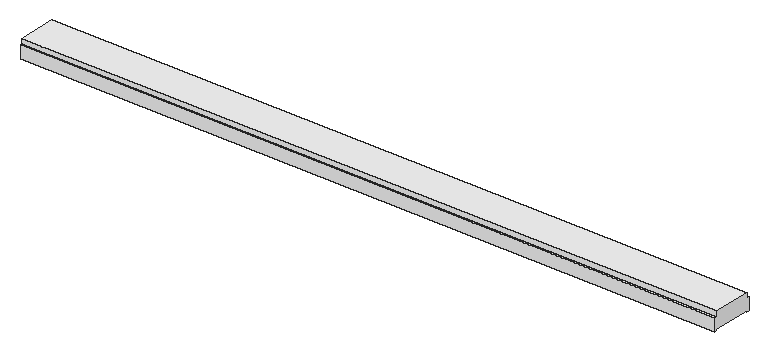
Revit family "Zumtobel TECTON MIREL LED", category Lighting Fixtures, Revit 2016
Family settings
  Part Type = Normal
  Round Connector Dimension = Use Diameter
  OmniClass Number = 23.80.70.11
  OmniClass Title = Luminaries for Internal Lighting
  Work Plane-Based = No
  Always vertical = Yes
  Cut with Voids When Loaded = No
  Light Source = Yes
  Shared = Yes
  Room Calculation Point = No
Parameters (values of type "TECTON MIREL LED2700 L1000")
  Width = 60 mm  # constant formula
  Wattage = 18.244 W
  Voltage = 230  # constant formula
  URL = "http://www.zumtobel.com/42185314"
  built-in parameter 1150110 = 1 (stored number, unit not read)
  Reflector [instance] = Zumtobel_Metal_White
  Light Emitting Shape [instance] = Zumtobel_PMMA_Self_llumination_Opaque
  L 2000 = no
  L 1500 = no
  L 1000 = yes
  Emit from Rectangle Width = Length  # 1000 mm
  Emit from Rectangle Length = 54 mm  # constant formula
  Emit Shape Visible in Rendering = no
  Body [instance] = Zumtobel_Metal_White
  Apparent Load = 20.3 VA
  Model = "42185314"
  built-in parameter 1114217 = 1 (stored number, unit not read)
  Tilt Angle = 90.00°
  built-in parameter 1150109 = 1 (stored number, unit not read)
  built-in parameter 1150134 = 12
  Suspension Height [instance] = 500 mm
  built-in parameter 1150113 = 1 (stored number, unit not read)
  Length = 1000 mm
  Lamp = "LED"  # constant formula
  Wattage Comments = "230"  # constant formula
  Manufacturer = "Zumtobel Ligthing"  # constant formula
  Photometric Web File = "D38477AA_TECTON_MIREL_LED2700-840_L1000_LDE_WH.IES"
  built-in parameter 1150105 = 215.65 (stored number, unit not read)
  Lumens = 2710 lm
  built-in parameter 1150115 = 1 (stored number, unit not read)
  built-in parameter 1150137 = (empty or 0)
  built-in parameter 1150139 = (empty or 0)
  built-in parameter 1150112 = 1 (stored number, unit not read)
  built-in parameter 1150114 = 1 (stored number, unit not read)
  built-in parameter 1150132 = 2
  Description = "LED continuous row luminaire"  # constant formula
  Assembly Code = ""
  built-in parameter 1150102 = (empty or 0)
  built-in parameter 1150107 = 4000 (stored number, unit not read)
  built-in parameter 1150138 = (empty or 0)
  built-in parameter 1150106 = 2.1565 (stored number, unit not read)
  built-in parameter 1150104 = 13.8 (stored number, unit not read)
  Dimming Lamp Color Temperature Shift = <None>
  Color Filter = 16777215
  built-in parameter 1114218 = 1 (stored number, unit not read)
  built-in parameter 1150133 = 10 (stored number, unit not read)
Reference planes
  plane 1 "Light Source Axis (F/B)": y = -218.644
  plane 2: z = 0
  plane 3 "Light Source Axis (L/R)": x = -74.924
  plane 4 "Light Source Elevation": z = -523
  plane 5 "Bottom": z = 0
  plane 6 "Left": x = -574.924
  plane 7 "Right": x = 425.076
  plane 8: z = -507
  plane 9: z = -500
Dimensions and locks
  equal spacing: plane 7 "Right", plane 3 "Light Source Axis (L/R)", plane 6 "Left"
  "Length": plane 7 "Right" to plane 6 "Left"
  "Suspension Height": plane 5 "Bottom" to plane 9
  plane 9 to plane 8 to plane 4 "Light Source Elevation" = 7 mm locked, 16 mm locked
  aligned: plane 3 "Light Source Axis (L/R)" to imposter light
  aligned: plane 1 "Light Source Axis (F/B)" to imposter light
  aligned and locked: plane 4 "Light Source Elevation" to imposter light
  aligned and locked: plane 5 "Bottom" to level
  aligned and locked: imposter light to plane 3 "Light Source Axis (L/R)"
  aligned and locked: imposter light to plane 1 "Light Source Axis (F/B)"
  aligned and locked: plane 3 "Light Source Axis (L/R)" to nested 1
  aligned and locked: plane 9 to nested 1
  aligned and locked: plane 1 "Light Source Axis (F/B)" to nested 1
  aligned and locked: nested 2 to plane 9
  aligned and locked: nested 3 to plane 9
  aligned and locked: plane 1 "Light Source Axis (F/B)" to nested 2
  aligned and locked: plane 1 "Light Source Axis (F/B)" to nested 3
Nested families
  nested 1: "Zumtobel TECTON MIREL Body L 2000" at (0, 0, 100), visible <- "L 2000", Body <- "Body", Light Emitting Shape <- "Light Emitting Shape", Reflector <- "Reflector", type "L 2000"
  nested 2: "Zumtobel TECTON MIREL Body L 1500" at (0, 0, 100), visible <- "L 1500", Reflector <- "Reflector", Light Emitting Shape <- "Light Emitting Shape", Body <- "Body", type "L 1500"
  nested 3: "Zumtobel TECTON MIREL Body L 1000" at (0, 0, 100), visible <- "L 1000", Reflector <- "Reflector", Light Emitting Shape <- "Light Emitting Shape", Body <- "Body", type "L 1000"
Definition of nested family "Zumtobel TECTON MIREL Body L 2000"
  Parameters (values of type "L 2000")
    URL = ""
    Reflector [instance] = none
    Light Emitting Shape [instance] = none
    L 2000 = yes
    L 200 = yes
    L 1500 = no
    L 1000 = no
    Body [instance] = none
    Apparent Load = 0 VA  # constant formula
    Model = ""
    Lamp = ""
    Wattage Comments = ""
    Manufacturer = ""
    Description = ""
    Assembly Code = ""
  Reference planes
    plane 1 "Light Source Axis (F/B)": y = -218.644
    plane 2: z = 0
    plane 3 "Light Source Axis (L/R)": x = -74.924
    plane 4 "Light Source Elevation": z = -623
    plane 5 "Bottom": z = 0
    plane 6 "Left": x = -1074.924
    plane 7 "Right": x = 925.076
    plane 8: z = -607
    plane 9: z = -600
  Forms (mm)
    Extrusion 1, solid, material <- "Body", visible <- "L 200"
      sketch origin (-74.924, 0, 0) x (0, 1, 0) y (0, 0, 1)
        loop
          line (-188.644, -607) -> (-191.518, -607) -> (-191.518, -600) -> (-245.769, -600) -> (-245.769, -607) -> (-248.644, -607) -> (-248.644, -625) -> (-246.644, -625) -> (-245.644, -623) -> (-191.644, -623) -> (-190.644, -625) -> (-188.644, -625) -> (-188.644, -607)
      from -1000 to 1000
    Blend 2, void
      base sketch origin (0, 0, -623) x (0, -1, 0) y (1, 0, 0)
        loop
          line (238.644, -78.424) -> (198.644, -78.424) -> (198.644, -118.424) -> (238.644, -118.424) -> (238.644, -78.424)
      top sketch origin (0, 0, -623) x (0, -1, 0) y (1, 0, 0)
        loop
          line (207.644, -109.424) -> (229.644, -109.424) -> (229.644, -87.424) -> (207.644, -87.424) -> (207.644, -109.424)
      from 0 to 10
    Blend 3, void
      base sketch origin (0, 0, -623) x (0, -1, 0) y (1, 0, 0)
        loop
          line (238.644, -71.424) -> (238.644, -31.424) -> (198.644, -31.424) -> (198.644, -71.424) -> (238.644, -71.424)
      top sketch origin (0, 0, -623) x (0, -1, 0) y (1, 0, 0)
        loop
          line (207.644, -40.424) -> (207.644, -62.424) -> (229.644, -62.424) -> (229.644, -40.424) -> (207.644, -40.424)
      from 0 to 10
    Blend 4, void
      base sketch origin (0, 0, -623) x (0, -1, 0) y (1, 0, 0)
        loop
          line (238.644, 15.576) -> (198.644, 15.576) -> (198.644, -24.424) -> (238.644, -24.424) -> (238.644, 15.576)
      top sketch origin (0, 0, -623) x (0, -1, 0) y (1, 0, 0)
        loop
          line (207.644, -15.424) -> (229.644, -15.424) -> (229.644, 6.576) -> (207.644, 6.576) -> (207.644, -15.424)
      from 0 to 10
    Blend 5, void
      base sketch origin (0, 0, -623) x (0, -1, 0) y (1, 0, 0)
        loop
          line (238.644, 109.576) -> (198.644, 109.576) -> (198.644, 69.576) -> (238.644, 69.576) -> (238.644, 109.576)
      top sketch origin (0, 0, -623) x (0, -1, 0) y (1, 0, 0)
        loop
          line (207.644, 78.576) -> (229.644, 78.576) -> (229.644, 100.576) -> (207.644, 100.576) -> (207.644, 78.576)
      from 0 to 10
    Blend 6, void
      base sketch origin (0, 0, -623) x (0, -1, 0) y (1, 0, 0)
        loop
          line (238.644, 62.576) -> (198.644, 62.576) -> (198.644, 22.576) -> (238.644, 22.576) -> (238.644, 62.576)
      top sketch origin (0, 0, -623) x (0, -1, 0) y (1, 0, 0)
        loop
          line (207.644, 31.576) -> (229.644, 31.576) -> (229.644, 53.576) -> (207.644, 53.576) -> (207.644, 31.576)
      from 0 to 10
    Blend 7, void
      base sketch origin (0, 0, -623) x (0, -1, 0) y (1, 0, 0)
        loop
          line (238.644, 116.576) -> (238.644, 156.576) -> (198.644, 156.576) -> (198.644, 116.576) -> (238.644, 116.576)
      top sketch origin (0, 0, -623) x (0, -1, 0) y (1, 0, 0)
        loop
          line (207.644, 147.576) -> (207.644, 125.576) -> (229.644, 125.576) -> (229.644, 147.576) -> (207.644, 147.576)
      from 0 to 10
    Blend 8, void
      base sketch origin (0, 0, -623) x (0, -1, 0) y (1, 0, 0)
        loop
          line (238.644, 344.576) -> (198.644, 344.576) -> (198.644, 304.576) -> (238.644, 304.576) -> (238.644, 344.576)
      top sketch origin (0, 0, -623) x (0, -1, 0) y (1, 0, 0)
        loop
          line (207.644, 313.576) -> (229.644, 313.576) -> (229.644, 335.576) -> (207.644, 335.576) -> (207.644, 313.576)
      from 0 to 10
    Blend 9, void
      base sketch origin (0, 0, -623) x (0, -1, 0) y (1, 0, 0)
        loop
          line (238.644, 297.576) -> (198.644, 297.576) -> (198.644, 257.576) -> (238.644, 257.576) -> (238.644, 297.576)
      top sketch origin (0, 0, -623) x (0, -1, 0) y (1, 0, 0)
        loop
          line (207.644, 266.576) -> (229.644, 266.576) -> (229.644, 288.576) -> (207.644, 288.576) -> (207.644, 266.576)
      from 0 to 10
    Blend 10, void
      base sketch origin (0, 0, -623) x (0, -1, 0) y (1, 0, 0)
        loop
          line (238.644, 210.576) -> (238.644, 250.576) -> (198.644, 250.576) -> (198.644, 210.576) -> (238.644, 210.576)
      top sketch origin (0, 0, -623) x (0, -1, 0) y (1, 0, 0)
        loop
          line (207.644, 241.576) -> (207.644, 219.576) -> (229.644, 219.576) -> (229.644, 241.576) -> (207.644, 241.576)
      from 0 to 10
    Blend 11, void
      base sketch origin (0, 0, -623) x (0, -1, 0) y (1, 0, 0)
        loop
          line (238.644, 163.576) -> (238.644, 203.576) -> (198.644, 203.576) -> (198.644, 163.576) -> (238.644, 163.576)
      top sketch origin (0, 0, -623) x (0, -1, 0) y (1, 0, 0)
        loop
          line (207.644, 194.576) -> (207.644, 172.576) -> (229.644, 172.576) -> (229.644, 194.576) -> (207.644, 194.576)
      from 0 to 10
    Blend 12, void
      base sketch origin (0, 0, -623) x (0, -1, 0) y (1, 0, 0)
        loop
          line (238.644, 351.576) -> (238.644, 391.576) -> (198.644, 391.576) -> (198.644, 351.576) -> (238.644, 351.576)
      top sketch origin (0, 0, -623) x (0, -1, 0) y (1, 0, 0)
        loop
          line (207.644, 382.576) -> (207.644, 360.576) -> (229.644, 360.576) -> (229.644, 382.576) -> (207.644, 382.576)
      from 0 to 10
    Blend 13, void
      base sketch origin (0, 0, -623) x (0, -1, 0) y (1, 0, 0)
        loop
          line (238.644, 438.576) -> (198.644, 438.576) -> (198.644, 398.576) -> (238.644, 398.576) -> (238.644, 438.576)
      top sketch origin (0, 0, -623) x (0, -1, 0) y (1, 0, 0)
        loop
          line (207.644, 407.576) -> (229.644, 407.576) -> (229.644, 429.576) -> (207.644, 429.576) -> (207.644, 407.576)
      from 0 to 10
    Blend 14, void
      base sketch origin (0, 0, -623) x (0, -1, 0) y (1, 0, 0)
        loop
          line (238.644, 532.576) -> (198.644, 532.576) -> (198.644, 492.576) -> (238.644, 492.576) -> (238.644, 532.576)
      top sketch origin (0, 0, -623) x (0, -1, 0) y (1, 0, 0)
        loop
          line (207.644, 501.576) -> (229.644, 501.576) -> (229.644, 523.576) -> (207.644, 523.576) -> (207.644, 501.576)
      from 0 to 10
    Blend 15, void
      base sketch origin (0, 0, -623) x (0, -1, 0) y (1, 0, 0)
        loop
          line (238.644, 485.576) -> (198.644, 485.576) -> (198.644, 445.576) -> (238.644, 445.576) -> (238.644, 485.576)
      top sketch origin (0, 0, -623) x (0, -1, 0) y (1, 0, 0)
        loop
          line (207.644, 454.576) -> (229.644, 454.576) -> (229.644, 476.576) -> (207.644, 476.576) -> (207.644, 454.576)
      from 0 to 10
    Blend 16, void
      base sketch origin (0, 0, -623) x (0, -1, 0) y (1, 0, 0)
        loop
          line (238.644, 539.576) -> (238.644, 579.576) -> (198.644, 579.576) -> (198.644, 539.576) -> (238.644, 539.576)
      top sketch origin (0, 0, -623) x (0, -1, 0) y (1, 0, 0)
        loop
          line (207.644, 570.576) -> (207.644, 548.576) -> (229.644, 548.576) -> (229.644, 570.576) -> (207.644, 570.576)
      from 0 to 10
    Blend 17, void
      base sketch origin (0, 0, -623) x (0, -1, 0) y (1, 0, 0)
        loop
          line (238.644, 767.576) -> (198.644, 767.576) -> (198.644, 727.576) -> (238.644, 727.576) -> (238.644, 767.576)
      top sketch origin (0, 0, -623) x (0, -1, 0) y (1, 0, 0)
        loop
          line (207.644, 736.576) -> (229.644, 736.576) -> (229.644, 758.576) -> (207.644, 758.576) -> (207.644, 736.576)
      from 0 to 10
    Blend 18, void
      base sketch origin (0, 0, -623) x (0, -1, 0) y (1, 0, 0)
        loop
          line (238.644, 720.576) -> (198.644, 720.576) -> (198.644, 680.576) -> (238.644, 680.576) -> (238.644, 720.576)
      top sketch origin (0, 0, -623) x (0, -1, 0) y (1, 0, 0)
        loop
          line (207.644, 689.576) -> (229.644, 689.576) -> (229.644, 711.576) -> (207.644, 711.576) -> (207.644, 689.576)
      from 0 to 10
    Blend 19, void
      base sketch origin (0, 0, -623) x (0, -1, 0) y (1, 0, 0)
        loop
          line (238.644, 633.576) -> (238.644, 673.576) -> (198.644, 673.576) -> (198.644, 633.576) -> (238.644, 633.576)
      top sketch origin (0, 0, -623) x (0, -1, 0) y (1, 0, 0)
        loop
          line (207.644, 664.576) -> (207.644, 642.576) -> (229.644, 642.576) -> (229.644, 664.576) -> (207.644, 664.576)
      from 0 to 10
    Blend 20, void
      base sketch origin (0, 0, -623) x (0, -1, 0) y (1, 0, 0)
        loop
          line (238.644, 586.576) -> (238.644, 626.576) -> (198.644, 626.576) -> (198.644, 586.576) -> (238.644, 586.576)
      top sketch origin (0, 0, -623) x (0, -1, 0) y (1, 0, 0)
        loop
          line (207.644, 617.576) -> (207.644, 595.576) -> (229.644, 595.576) -> (229.644, 617.576) -> (207.644, 617.576)
      from 0 to 10
    Blend 21, void
      base sketch origin (0, 0, -623) x (0, -1, 0) y (1, 0, 0)
        loop
          line (238.644, 774.576) -> (238.644, 814.576) -> (198.644, 814.576) -> (198.644, 774.576) -> (238.644, 774.576)
      top sketch origin (0, 0, -623) x (0, -1, 0) y (1, 0, 0)
        loop
          line (207.644, 805.576) -> (207.644, 783.576) -> (229.644, 783.576) -> (229.644, 805.576) -> (207.644, 805.576)
      from 0 to 10
    Blend 22, void
      base sketch origin (0, 0, -623) x (0, -1, 0) y (1, 0, 0)
        loop
          line (238.644, 861.576) -> (198.644, 861.576) -> (198.644, 821.576) -> (238.644, 821.576) -> (238.644, 861.576)
      top sketch origin (0, 0, -623) x (0, -1, 0) y (1, 0, 0)
        loop
          line (207.644, 830.576) -> (229.644, 830.576) -> (229.644, 852.576) -> (207.644, 852.576) -> (207.644, 830.576)
      from 0 to 10
    Blend 23, void
      base sketch origin (0, 0, -623) x (0, -1, 0) y (1, 0, 0)
        loop
          line (238.644, 908.576) -> (198.644, 908.576) -> (198.644, 868.576) -> (238.644, 868.576) -> (238.644, 908.576)
      top sketch origin (0, 0, -623) x (0, -1, 0) y (1, 0, 0)
        loop
          line (207.644, 877.576) -> (229.644, 877.576) -> (229.644, 899.576) -> (207.644, 899.576) -> (207.644, 877.576)
      from 0 to 10
    Blend 24, void
      base sketch origin (0, 0, -623) x (0, -1, 0) y (1, 0, 0)
        loop
          line (238.644, -165.424) -> (238.644, -125.424) -> (198.644, -125.424) -> (198.644, -165.424) -> (238.644, -165.424)
      top sketch origin (0, 0, -623) x (0, -1, 0) y (1, 0, 0)
        loop
          line (207.644, -134.424) -> (207.644, -156.424) -> (229.644, -156.424) -> (229.644, -134.424) -> (207.644, -134.424)
      from 0 to 10
    Blend 25, void
      base sketch origin (0, 0, -623) x (0, -1, 0) y (1, 0, 0)
        loop
          line (238.644, -259.424) -> (238.644, -219.424) -> (198.644, -219.424) -> (198.644, -259.424) -> (238.644, -259.424)
      top sketch origin (0, 0, -623) x (0, -1, 0) y (1, 0, 0)
        loop
          line (207.644, -228.424) -> (207.644, -250.424) -> (229.644, -250.424) -> (229.644, -228.424) -> (207.644, -228.424)
      from 0 to 10
    Blend 26, void
      base sketch origin (0, 0, -623) x (0, -1, 0) y (1, 0, 0)
        loop
          line (238.644, -212.424) -> (238.644, -172.424) -> (198.644, -172.424) -> (198.644, -212.424) -> (238.644, -212.424)
      top sketch origin (0, 0, -623) x (0, -1, 0) y (1, 0, 0)
        loop
          line (207.644, -181.424) -> (207.644, -203.424) -> (229.644, -203.424) -> (229.644, -181.424) -> (207.644, -181.424)
      from 0 to 10
    Blend 27, void
      base sketch origin (0, 0, -623) x (0, -1, 0) y (1, 0, 0)
        loop
          line (238.644, -266.424) -> (198.644, -266.424) -> (198.644, -306.424) -> (238.644, -306.424) -> (238.644, -266.424)
      top sketch origin (0, 0, -623) x (0, -1, 0) y (1, 0, 0)
        loop
          line (207.644, -297.424) -> (229.644, -297.424) -> (229.644, -275.424) -> (207.644, -275.424) -> (207.644, -297.424)
      from 0 to 10
    Blend 28, void
      base sketch origin (0, 0, -623) x (0, -1, 0) y (1, 0, 0)
        loop
          line (238.644, -494.424) -> (238.644, -454.424) -> (198.644, -454.424) -> (198.644, -494.424) -> (238.644, -494.424)
      top sketch origin (0, 0, -623) x (0, -1, 0) y (1, 0, 0)
        loop
          line (207.644, -463.424) -> (207.644, -485.424) -> (229.644, -485.424) -> (229.644, -463.424) -> (207.644, -463.424)
      from 0 to 10
    Blend 29, void
      base sketch origin (0, 0, -623) x (0, -1, 0) y (1, 0, 0)
        loop
          line (238.644, -447.424) -> (238.644, -407.424) -> (198.644, -407.424) -> (198.644, -447.424) -> (238.644, -447.424)
      top sketch origin (0, 0, -623) x (0, -1, 0) y (1, 0, 0)
        loop
          line (207.644, -416.424) -> (207.644, -438.424) -> (229.644, -438.424) -> (229.644, -416.424) -> (207.644, -416.424)
      from 0 to 10
    Blend 30, void
      base sketch origin (0, 0, -623) x (0, -1, 0) y (1, 0, 0)
        loop
          line (238.644, -360.424) -> (198.644, -360.424) -> (198.644, -400.424) -> (238.644, -400.424) -> (238.644, -360.424)
      top sketch origin (0, 0, -623) x (0, -1, 0) y (1, 0, 0)
        loop
          line (207.644, -391.424) -> (229.644, -391.424) -> (229.644, -369.424) -> (207.644, -369.424) -> (207.644, -391.424)
      from 0 to 10
    Blend 31, void
      base sketch origin (0, 0, -623) x (0, -1, 0) y (1, 0, 0)
        loop
          line (238.644, -313.424) -> (198.644, -313.424) -> (198.644, -353.424) -> (238.644, -353.424) -> (238.644, -313.424)
      top sketch origin (0, 0, -623) x (0, -1, 0) y (1, 0, 0)
        loop
          line (207.644, -344.424) -> (229.644, -344.424) -> (229.644, -322.424) -> (207.644, -322.424) -> (207.644, -344.424)
      from 0 to 10
    Blend 32, void
      base sketch origin (0, 0, -623) x (0, -1, 0) y (1, 0, 0)
        loop
          line (238.644, -501.424) -> (198.644, -501.424) -> (198.644, -541.424) -> (238.644, -541.424) -> (238.644, -501.424)
      top sketch origin (0, 0, -623) x (0, -1, 0) y (1, 0, 0)
        loop
          line (207.644, -532.424) -> (229.644, -532.424) -> (229.644, -510.424) -> (207.644, -510.424) -> (207.644, -532.424)
      from 0 to 10
    Blend 33, void
      base sketch origin (0, 0, -623) x (0, -1, 0) y (1, 0, 0)
        loop
          line (238.644, -588.424) -> (238.644, -548.424) -> (198.644, -548.424) -> (198.644, -588.424) -> (238.644, -588.424)
      top sketch origin (0, 0, -623) x (0, -1, 0) y (1, 0, 0)
        loop
          line (207.644, -557.424) -> (207.644, -579.424) -> (229.644, -579.424) -> (229.644, -557.424) -> (207.644, -557.424)
      from 0 to 10
    Blend 34, void
      base sketch origin (0, 0, -623) x (0, -1, 0) y (1, 0, 0)
        loop
          line (238.644, -682.424) -> (238.644, -642.424) -> (198.644, -642.424) -> (198.644, -682.424) -> (238.644, -682.424)
      top sketch origin (0, 0, -623) x (0, -1, 0) y (1, 0, 0)
        loop
          line (207.644, -651.424) -> (207.644, -673.424) -> (229.644, -673.424) -> (229.644, -651.424) -> (207.644, -651.424)
      from 0 to 10
    Blend 35, void
      base sketch origin (0, 0, -623) x (0, -1, 0) y (1, 0, 0)
        loop
          line (238.644, -635.424) -> (238.644, -595.424) -> (198.644, -595.424) -> (198.644, -635.424) -> (238.644, -635.424)
      top sketch origin (0, 0, -623) x (0, -1, 0) y (1, 0, 0)
        loop
          line (207.644, -604.424) -> (207.644, -626.424) -> (229.644, -626.424) -> (229.644, -604.424) -> (207.644, -604.424)
      from 0 to 10
    Blend 36, void
      base sketch origin (0, 0, -623) x (0, -1, 0) y (1, 0, 0)
        loop
          line (238.644, -689.424) -> (198.644, -689.424) -> (198.644, -729.424) -> (238.644, -729.424) -> (238.644, -689.424)
      top sketch origin (0, 0, -623) x (0, -1, 0) y (1, 0, 0)
        loop
          line (207.644, -720.424) -> (229.644, -720.424) -> (229.644, -698.424) -> (207.644, -698.424) -> (207.644, -720.424)
      from 0 to 10
    Blend 37, void
      base sketch origin (0, 0, -623) x (0, -1, 0) y (1, 0, 0)
        loop
          line (238.644, -917.424) -> (238.644, -877.424) -> (198.644, -877.424) -> (198.644, -917.424) -> (238.644, -917.424)
      top sketch origin (0, 0, -623) x (0, -1, 0) y (1, 0, 0)
        loop
          line (207.644, -886.424) -> (207.644, -908.424) -> (229.644, -908.424) -> (229.644, -886.424) -> (207.644, -886.424)
      from 0 to 10
    Blend 38, void
      base sketch origin (0, 0, -623) x (0, -1, 0) y (1, 0, 0)
        loop
          line (238.644, -870.424) -> (238.644, -830.424) -> (198.644, -830.424) -> (198.644, -870.424) -> (238.644, -870.424)
      top sketch origin (0, 0, -623) x (0, -1, 0) y (1, 0, 0)
        loop
          line (207.644, -839.424) -> (207.644, -861.424) -> (229.644, -861.424) -> (229.644, -839.424) -> (207.644, -839.424)
      from 0 to 10
    Blend 39, void
      base sketch origin (0, 0, -623) x (0, -1, 0) y (1, 0, 0)
        loop
          line (238.644, -783.424) -> (198.644, -783.424) -> (198.644, -823.424) -> (238.644, -823.424) -> (238.644, -783.424)
      top sketch origin (0, 0, -623) x (0, -1, 0) y (1, 0, 0)
        loop
          line (207.644, -814.424) -> (229.644, -814.424) -> (229.644, -792.424) -> (207.644, -792.424) -> (207.644, -814.424)
      from 0 to 10
    Blend 40, void
      base sketch origin (0, 0, -623) x (0, -1, 0) y (1, 0, 0)
        loop
          line (238.644, -736.424) -> (198.644, -736.424) -> (198.644, -776.424) -> (238.644, -776.424) -> (238.644, -736.424)
      top sketch origin (0, 0, -623) x (0, -1, 0) y (1, 0, 0)
        loop
          line (207.644, -767.424) -> (229.644, -767.424) -> (229.644, -745.424) -> (207.644, -745.424) -> (207.644, -767.424)
      from 0 to 10
    Blend 41, void
      base sketch origin (0, 0, -623) x (0, -1, 0) y (1, 0, 0)
        loop
          line (238.644, -924.424) -> (198.644, -924.424) -> (198.644, -964.424) -> (238.644, -964.424) -> (238.644, -924.424)
      top sketch origin (0, 0, -623) x (0, -1, 0) y (1, 0, 0)
        loop
          line (207.644, -955.424) -> (229.644, -955.424) -> (229.644, -933.424) -> (207.644, -933.424) -> (207.644, -955.424)
      from 0 to 10
    Blend 42, void
      base sketch origin (0, 0, -623) x (0, -1, 0) y (1, 0, 0)
        loop
          line (238.644, -1011.424) -> (238.644, -971.424) -> (198.644, -971.424) -> (198.644, -1011.424) -> (238.644, -1011.424)
      top sketch origin (0, 0, -623) x (0, -1, 0) y (1, 0, 0)
        loop
          line (207.644, -980.424) -> (207.644, -1002.424) -> (229.644, -1002.424) -> (229.644, -980.424) -> (207.644, -980.424)
      from 0 to 10
    Blend 43, void
      base sketch origin (0, 0, -623) x (0, -1, 0) y (1, 0, 0)
        loop
          line (238.644, -1058.424) -> (238.644, -1018.424) -> (198.644, -1018.424) -> (198.644, -1058.424) -> (238.644, -1058.424)
      top sketch origin (0, 0, -623) x (0, -1, 0) y (1, 0, 0)
        loop
          line (207.644, -1027.424) -> (207.644, -1049.424) -> (229.644, -1049.424) -> (229.644, -1027.424) -> (207.644, -1027.424)
      from 0 to 10
  Cuts and joins
    Blend 2, Blend 3, Blend 4, Blend 5, Blend 6, Blend 7, Blend 8, Blend 9, Blend 10, Blend 11, Blend 12, Blend 13, Blend 14, Blend 15, Blend 16, Blend 17, Blend 18, Blend 19, Blend 20, Blend 21, Blend 22, Blend 23, Blend 24, Blend 25, Blend 26, Blend 27, Blend 28, Blend 29, Blend 30, Blend 31, Blend 32, Blend 33, Blend 34, Blend 35, Blend 36, Blend 37, Blend 38, Blend 39, Blend 40, Blend 41, Blend 42, Blend 43 cuts Extrusion 1
  Dimensions and locks
    equal spacing: plane 7 "Right", plane 3 "Light Source Axis (L/R)", plane 6 "Left"
    locked: plane 7 "Right" to plane 6 "Left" at 2000
    plane 9 to plane 8 to plane 4 "Light Source Elevation" = 7 mm locked, 16 mm locked
    aligned and locked: plane 5 "Bottom" to level
    aligned and locked: Extrusion 1 to plane 6 "Left"
    aligned and locked: plane 7 "Right" to Extrusion 1
  Automatic sketch dimensions
    Extrusion 1 sketch curve to plane 8 = 0 mm  (x2)
    plane 9 to Extrusion 1 sketch curve = 0 mm
    plane 4 "Light Source Elevation" to Extrusion 1 sketch curve = 0 mm
    plane 4 "Light Source Elevation" to Extrusion 1 sketch curve = 2 mm  (x2)
    plane 1 "Light Source Axis (F/B)" to Extrusion 1 sketch curve = 30 mm
    Extrusion 1 sketch curve to Extrusion 1 sketch curve = 2 mm  (x2)
    Extrusion 1 sketch curve to Extrusion 1 sketch curve = 2.875 mm
    Extrusion 1 sketch curve to Extrusion 1 sketch curve = 1 mm  (x2)
    Extrusion 1 sketch curve to plane 1 "Light Source Axis (F/B)" = 27 mm
    Extrusion 1 sketch curve to Extrusion 1 sketch curve = 0.125 mm
    Blend 2 sketch curve to plane 3 "Light Source Axis (L/R)" = 3.5 mm
    Blend 2 sketch curve to plane 1 "Light Source Axis (F/B)" = 20 mm
    plane 1 "Light Source Axis (F/B)" to Blend 2 sketch curve = 20 mm
    Blend 2 sketch curve to Blend 2 sketch curve = 40 mm
    Blend 2 sketch curve to plane 1 "Light Source Axis (F/B)" = 11 mm
    plane 1 "Light Source Axis (F/B)" to Blend 2 sketch curve = 11 mm
    Blend 2 sketch curve to plane 3 "Light Source Axis (L/R)" = 34.5 mm
    Blend 2 sketch curve to plane 3 "Light Source Axis (L/R)" = 12.5 mm
    plane 3 "Light Source Axis (L/R)" to Blend 3 sketch curve = 3.5 mm
    Blend 3 sketch curve to plane 1 "Light Source Axis (F/B)" = 20 mm
    plane 1 "Light Source Axis (F/B)" to Blend 3 sketch curve = 20 mm
    Blend 3 sketch curve to Blend 3 sketch curve = 40 mm
    Blend 3 sketch curve to plane 1 "Light Source Axis (F/B)" = 11 mm
    plane 1 "Light Source Axis (F/B)" to Blend 3 sketch curve = 11 mm
    plane 3 "Light Source Axis (L/R)" to Blend 3 sketch curve = 12.5 mm
    Blend 3 sketch curve to Blend 3 sketch curve = 22 mm
    Blend 4 sketch curve to plane 1 "Light Source Axis (F/B)" = 20 mm
    plane 1 "Light Source Axis (F/B)" to Blend 4 sketch curve = 20 mm
    plane 3 "Light Source Axis (L/R)" to Blend 4 sketch curve = 50.5 mm
    Blend 4 sketch curve to Blend 4 sketch curve = 40 mm
    Blend 4 sketch curve to plane 1 "Light Source Axis (F/B)" = 11 mm
    plane 1 "Light Source Axis (F/B)" to Blend 4 sketch curve = 11 mm
    plane 3 "Light Source Axis (L/R)" to Blend 4 sketch curve = 59.5 mm
    Blend 4 sketch curve to Blend 4 sketch curve = 22 mm
    Blend 5 sketch curve to plane 1 "Light Source Axis (F/B)" = 20 mm
    plane 1 "Light Source Axis (F/B)" to Blend 5 sketch curve = 20 mm
    plane 3 "Light Source Axis (L/R)" to Blend 5 sketch curve = 144.5 mm
    Blend 5 sketch curve to Blend 5 sketch curve = 40 mm
    Blend 5 sketch curve to plane 1 "Light Source Axis (F/B)" = 11 mm
    plane 1 "Light Source Axis (F/B)" to Blend 5 sketch curve = 11 mm
    plane 3 "Light Source Axis (L/R)" to Blend 5 sketch curve = 153.5 mm
    Blend 5 sketch curve to Blend 5 sketch curve = 22 mm
    Blend 6 sketch curve to plane 1 "Light Source Axis (F/B)" = 20 mm
    plane 1 "Light Source Axis (F/B)" to Blend 6 sketch curve = 20 mm
    plane 3 "Light Source Axis (L/R)" to Blend 6 sketch curve = 97.5 mm
    Blend 6 sketch curve to Blend 6 sketch curve = 40 mm
    Blend 6 sketch curve to plane 1 "Light Source Axis (F/B)" = 11 mm
    plane 1 "Light Source Axis (F/B)" to Blend 6 sketch curve = 11 mm
    plane 3 "Light Source Axis (L/R)" to Blend 6 sketch curve = 106.5 mm
    Blend 6 sketch curve to Blend 6 sketch curve = 22 mm
    Blend 7 sketch curve to plane 1 "Light Source Axis (F/B)" = 20 mm
    plane 1 "Light Source Axis (F/B)" to Blend 7 sketch curve = 20 mm
    plane 3 "Light Source Axis (L/R)" to Blend 7 sketch curve = 191.5 mm
    Blend 7 sketch curve to Blend 7 sketch curve = 40 mm
    Blend 7 sketch curve to plane 1 "Light Source Axis (F/B)" = 11 mm
    plane 1 "Light Source Axis (F/B)" to Blend 7 sketch curve = 11 mm
    plane 3 "Light Source Axis (L/R)" to Blend 7 sketch curve = 200.5 mm
    Blend 7 sketch curve to Blend 7 sketch curve = 22 mm
    Blend 8 sketch curve to plane 1 "Light Source Axis (F/B)" = 20 mm
    plane 1 "Light Source Axis (F/B)" to Blend 8 sketch curve = 20 mm
    plane 3 "Light Source Axis (L/R)" to Blend 8 sketch curve = 379.5 mm
    Blend 8 sketch curve to Blend 8 sketch curve = 40 mm
    Blend 8 sketch curve to plane 1 "Light Source Axis (F/B)" = 11 mm
    plane 1 "Light Source Axis (F/B)" to Blend 8 sketch curve = 11 mm
    plane 3 "Light Source Axis (L/R)" to Blend 8 sketch curve = 388.5 mm
    Blend 8 sketch curve to Blend 8 sketch curve = 22 mm
    Blend 9 sketch curve to plane 1 "Light Source Axis (F/B)" = 20 mm
    plane 1 "Light Source Axis (F/B)" to Blend 9 sketch curve = 20 mm
    plane 3 "Light Source Axis (L/R)" to Blend 9 sketch curve = 332.5 mm
    Blend 9 sketch curve to Blend 9 sketch curve = 40 mm
    Blend 9 sketch curve to plane 1 "Light Source Axis (F/B)" = 11 mm
    plane 1 "Light Source Axis (F/B)" to Blend 9 sketch curve = 11 mm
    plane 3 "Light Source Axis (L/R)" to Blend 9 sketch curve = 341.5 mm
    Blend 9 sketch curve to Blend 9 sketch curve = 22 mm
    Blend 10 sketch curve to plane 1 "Light Source Axis (F/B)" = 20 mm
    plane 1 "Light Source Axis (F/B)" to Blend 10 sketch curve = 20 mm
    plane 3 "Light Source Axis (L/R)" to Blend 10 sketch curve = 285.5 mm
    Blend 10 sketch curve to Blend 10 sketch curve = 40 mm
    Blend 10 sketch curve to plane 1 "Light Source Axis (F/B)" = 11 mm
    plane 1 "Light Source Axis (F/B)" to Blend 10 sketch curve = 11 mm
    plane 3 "Light Source Axis (L/R)" to Blend 10 sketch curve = 294.5 mm
    Blend 10 sketch curve to Blend 10 sketch curve = 22 mm
    Blend 11 sketch curve to plane 1 "Light Source Axis (F/B)" = 20 mm
    plane 1 "Light Source Axis (F/B)" to Blend 11 sketch curve = 20 mm
    plane 3 "Light Source Axis (L/R)" to Blend 11 sketch curve = 238.5 mm
    Blend 11 sketch curve to Blend 11 sketch curve = 40 mm
    Blend 11 sketch curve to plane 1 "Light Source Axis (F/B)" = 11 mm
    plane 1 "Light Source Axis (F/B)" to Blend 11 sketch curve = 11 mm
    plane 3 "Light Source Axis (L/R)" to Blend 11 sketch curve = 247.5 mm
    Blend 11 sketch curve to Blend 11 sketch curve = 22 mm
    Blend 12 sketch curve to plane 1 "Light Source Axis (F/B)" = 20 mm
    plane 1 "Light Source Axis (F/B)" to Blend 12 sketch curve = 20 mm
    plane 3 "Light Source Axis (L/R)" to Blend 12 sketch curve = 426.5 mm
    Blend 12 sketch curve to Blend 12 sketch curve = 40 mm
    Blend 12 sketch curve to plane 1 "Light Source Axis (F/B)" = 11 mm
    plane 1 "Light Source Axis (F/B)" to Blend 12 sketch curve = 11 mm
    plane 3 "Light Source Axis (L/R)" to Blend 12 sketch curve = 435.5 mm
    Blend 12 sketch curve to Blend 12 sketch curve = 22 mm
    Blend 13 sketch curve to plane 1 "Light Source Axis (F/B)" = 20 mm
    plane 1 "Light Source Axis (F/B)" to Blend 13 sketch curve = 20 mm
    plane 3 "Light Source Axis (L/R)" to Blend 13 sketch curve = 473.5 mm
    Blend 13 sketch curve to Blend 13 sketch curve = 40 mm
    Blend 13 sketch curve to plane 1 "Light Source Axis (F/B)" = 11 mm
    plane 1 "Light Source Axis (F/B)" to Blend 13 sketch curve = 11 mm
    plane 3 "Light Source Axis (L/R)" to Blend 13 sketch curve = 482.5 mm
    Blend 13 sketch curve to Blend 13 sketch curve = 22 mm
    Blend 14 sketch curve to plane 1 "Light Source Axis (F/B)" = 20 mm
    plane 1 "Light Source Axis (F/B)" to Blend 14 sketch curve = 20 mm
    Blend 14 sketch curve to plane 7 "Right" = 432.5 mm
    Blend 14 sketch curve to Blend 14 sketch curve = 40 mm
    Blend 14 sketch curve to plane 1 "Light Source Axis (F/B)" = 11 mm
    plane 1 "Light Source Axis (F/B)" to Blend 14 sketch curve = 11 mm
    Blend 14 sketch curve to plane 7 "Right" = 423.5 mm
    Blend 14 sketch curve to Blend 14 sketch curve = 22 mm
    Blend 15 sketch curve to plane 1 "Light Source Axis (F/B)" = 20 mm
    plane 1 "Light Source Axis (F/B)" to Blend 15 sketch curve = 20 mm
    Blend 15 sketch curve to plane 7 "Right" = 479.5 mm
    Blend 15 sketch curve to Blend 15 sketch curve = 40 mm
    Blend 15 sketch curve to plane 1 "Light Source Axis (F/B)" = 11 mm
    plane 1 "Light Source Axis (F/B)" to Blend 15 sketch curve = 11 mm
    Blend 15 sketch curve to plane 7 "Right" = 470.5 mm
    Blend 15 sketch curve to Blend 15 sketch curve = 22 mm
    Blend 16 sketch curve to plane 1 "Light Source Axis (F/B)" = 20 mm
    plane 1 "Light Source Axis (F/B)" to Blend 16 sketch curve = 20 mm
    Blend 16 sketch curve to plane 7 "Right" = 385.5 mm
    Blend 16 sketch curve to Blend 16 sketch curve = 40 mm
    Blend 16 sketch curve to plane 1 "Light Source Axis (F/B)" = 11 mm
    plane 1 "Light Source Axis (F/B)" to Blend 16 sketch curve = 11 mm
    Blend 16 sketch curve to plane 7 "Right" = 376.5 mm
    Blend 16 sketch curve to Blend 16 sketch curve = 22 mm
    Blend 17 sketch curve to plane 1 "Light Source Axis (F/B)" = 20 mm
    plane 1 "Light Source Axis (F/B)" to Blend 17 sketch curve = 20 mm
    Blend 17 sketch curve to plane 7 "Right" = 197.5 mm
    Blend 17 sketch curve to Blend 17 sketch curve = 40 mm
    Blend 17 sketch curve to plane 1 "Light Source Axis (F/B)" = 11 mm
    plane 1 "Light Source Axis (F/B)" to Blend 17 sketch curve = 11 mm
    Blend 17 sketch curve to plane 7 "Right" = 188.5 mm
    Blend 17 sketch curve to Blend 17 sketch curve = 22 mm
    Blend 18 sketch curve to plane 1 "Light Source Axis (F/B)" = 20 mm
    plane 1 "Light Source Axis (F/B)" to Blend 18 sketch curve = 20 mm
    Blend 18 sketch curve to plane 7 "Right" = 244.5 mm
    Blend 18 sketch curve to Blend 18 sketch curve = 40 mm
    Blend 18 sketch curve to plane 1 "Light Source Axis (F/B)" = 11 mm
    plane 1 "Light Source Axis (F/B)" to Blend 18 sketch curve = 11 mm
    Blend 18 sketch curve to plane 7 "Right" = 235.5 mm
    Blend 18 sketch curve to Blend 18 sketch curve = 22 mm
    Blend 19 sketch curve to plane 1 "Light Source Axis (F/B)" = 20 mm
    plane 1 "Light Source Axis (F/B)" to Blend 19 sketch curve = 20 mm
    Blend 19 sketch curve to plane 7 "Right" = 291.5 mm
    Blend 19 sketch curve to Blend 19 sketch curve = 40 mm
    Blend 19 sketch curve to plane 1 "Light Source Axis (F/B)" = 11 mm
    plane 1 "Light Source Axis (F/B)" to Blend 19 sketch curve = 11 mm
    Blend 19 sketch curve to plane 7 "Right" = 282.5 mm
    Blend 19 sketch curve to Blend 19 sketch curve = 22 mm
    Blend 20 sketch curve to plane 1 "Light Source Axis (F/B)" = 20 mm
    plane 1 "Light Source Axis (F/B)" to Blend 20 sketch curve = 20 mm
    Blend 20 sketch curve to plane 7 "Right" = 338.5 mm
    Blend 20 sketch curve to Blend 20 sketch curve = 40 mm
    Blend 20 sketch curve to plane 1 "Light Source Axis (F/B)" = 11 mm
    plane 1 "Light Source Axis (F/B)" to Blend 20 sketch curve = 11 mm
    Blend 20 sketch curve to plane 7 "Right" = 329.5 mm
    Blend 20 sketch curve to Blend 20 sketch curve = 22 mm
    Blend 21 sketch curve to plane 1 "Light Source Axis (F/B)" = 20 mm
    plane 1 "Light Source Axis (F/B)" to Blend 21 sketch curve = 20 mm
    Blend 21 sketch curve to plane 7 "Right" = 150.5 mm
    Blend 21 sketch curve to Blend 21 sketch curve = 40 mm
    Blend 21 sketch curve to plane 1 "Light Source Axis (F/B)" = 11 mm
    plane 1 "Light Source Axis (F/B)" to Blend 21 sketch curve = 11 mm
    Blend 21 sketch curve to plane 7 "Right" = 141.5 mm
    Blend 21 sketch curve to Blend 21 sketch curve = 22 mm
    Blend 22 sketch curve to plane 1 "Light Source Axis (F/B)" = 20 mm
    plane 1 "Light Source Axis (F/B)" to Blend 22 sketch curve = 20 mm
    Blend 22 sketch curve to plane 7 "Right" = 103.5 mm
    Blend 22 sketch curve to Blend 22 sketch curve = 40 mm
    Blend 22 sketch curve to plane 1 "Light Source Axis (F/B)" = 11 mm
    plane 1 "Light Source Axis (F/B)" to Blend 22 sketch curve = 11 mm
    Blend 22 sketch curve to plane 7 "Right" = 94.5 mm
    Blend 22 sketch curve to Blend 22 sketch curve = 22 mm
    Blend 23 sketch curve to plane 1 "Light Source Axis (F/B)" = 20 mm
    plane 1 "Light Source Axis (F/B)" to Blend 23 sketch curve = 20 mm
    Blend 23 sketch curve to plane 7 "Right" = 56.5 mm
    Blend 23 sketch curve to plane 7 "Right" = 16.5 mm
    Blend 23 sketch curve to plane 1 "Light Source Axis (F/B)" = 11 mm
    plane 1 "Light Source Axis (F/B)" to Blend 23 sketch curve = 11 mm
    Blend 23 sketch curve to plane 7 "Right" = 47.5 mm
    Blend 23 sketch curve to Blend 23 sketch curve = 22 mm
    Blend 24 sketch curve to plane 1 "Light Source Axis (F/B)" = 20 mm
    plane 1 "Light Source Axis (F/B)" to Blend 24 sketch curve = 20 mm
    Blend 24 sketch curve to plane 3 "Light Source Axis (L/R)" = 90.5 mm
    Blend 24 sketch curve to Blend 24 sketch curve = 40 mm
    Blend 24 sketch curve to plane 1 "Light Source Axis (F/B)" = 11 mm
    plane 1 "Light Source Axis (F/B)" to Blend 24 sketch curve = 11 mm
    Blend 24 sketch curve to plane 3 "Light Source Axis (L/R)" = 81.5 mm
    Blend 24 sketch curve to Blend 24 sketch curve = 22 mm
    Blend 25 sketch curve to plane 1 "Light Source Axis (F/B)" = 20 mm
    plane 1 "Light Source Axis (F/B)" to Blend 25 sketch curve = 20 mm
    Blend 25 sketch curve to plane 3 "Light Source Axis (L/R)" = 184.5 mm
    Blend 25 sketch curve to Blend 25 sketch curve = 40 mm
    Blend 25 sketch curve to plane 1 "Light Source Axis (F/B)" = 11 mm
    plane 1 "Light Source Axis (F/B)" to Blend 25 sketch curve = 11 mm
    Blend 25 sketch curve to plane 3 "Light Source Axis (L/R)" = 175.5 mm
    Blend 25 sketch curve to Blend 25 sketch curve = 22 mm
    Blend 26 sketch curve to plane 1 "Light Source Axis (F/B)" = 20 mm
    plane 1 "Light Source Axis (F/B)" to Blend 26 sketch curve = 20 mm
    Blend 26 sketch curve to plane 3 "Light Source Axis (L/R)" = 137.5 mm
    Blend 26 sketch curve to Blend 26 sketch curve = 40 mm
    Blend 26 sketch curve to plane 1 "Light Source Axis (F/B)" = 11 mm
    plane 1 "Light Source Axis (F/B)" to Blend 26 sketch curve = 11 mm
    Blend 26 sketch curve to plane 3 "Light Source Axis (L/R)" = 128.5 mm
    Blend 26 sketch curve to Blend 26 sketch curve = 22 mm
    Blend 27 sketch curve to plane 1 "Light Source Axis (F/B)" = 20 mm
    plane 1 "Light Source Axis (F/B)" to Blend 27 sketch curve = 20 mm
    Blend 27 sketch curve to plane 3 "Light Source Axis (L/R)" = 231.5 mm
    Blend 27 sketch curve to Blend 27 sketch curve = 40 mm
    Blend 27 sketch curve to plane 1 "Light Source Axis (F/B)" = 11 mm
    plane 1 "Light Source Axis (F/B)" to Blend 27 sketch curve = 11 mm
    Blend 27 sketch curve to plane 3 "Light Source Axis (L/R)" = 222.5 mm
    Blend 27 sketch curve to Blend 27 sketch curve = 22 mm
    Blend 28 sketch curve to plane 1 "Light Source Axis (F/B)" = 20 mm
    plane 1 "Light Source Axis (F/B)" to Blend 28 sketch curve = 20 mm
    Blend 28 sketch curve to plane 3 "Light Source Axis (L/R)" = 419.5 mm
    Blend 28 sketch curve to Blend 28 sketch curve = 40 mm
    Blend 28 sketch curve to plane 1 "Light Source Axis (F/B)" = 11 mm
    plane 1 "Light Source Axis (F/B)" to Blend 28 sketch curve = 11 mm
    Blend 28 sketch curve to plane 3 "Light Source Axis (L/R)" = 410.5 mm
    Blend 28 sketch curve to Blend 28 sketch curve = 22 mm
    Blend 29 sketch curve to plane 1 "Light Source Axis (F/B)" = 20 mm
    plane 1 "Light Source Axis (F/B)" to Blend 29 sketch curve = 20 mm
    Blend 29 sketch curve to plane 3 "Light Source Axis (L/R)" = 372.5 mm
    Blend 29 sketch curve to Blend 29 sketch curve = 40 mm
    Blend 29 sketch curve to plane 1 "Light Source Axis (F/B)" = 11 mm
    plane 1 "Light Source Axis (F/B)" to Blend 29 sketch curve = 11 mm
    Blend 29 sketch curve to plane 3 "Light Source Axis (L/R)" = 363.5 mm
    Blend 29 sketch curve to Blend 29 sketch curve = 22 mm
    Blend 30 sketch curve to plane 1 "Light Source Axis (F/B)" = 20 mm
    plane 1 "Light Source Axis (F/B)" to Blend 30 sketch curve = 20 mm
    Blend 30 sketch curve to plane 3 "Light Source Axis (L/R)" = 325.5 mm
    Blend 30 sketch curve to Blend 30 sketch curve = 40 mm
    Blend 30 sketch curve to plane 1 "Light Source Axis (F/B)" = 11 mm
    plane 1 "Light Source Axis (F/B)" to Blend 30 sketch curve = 11 mm
    Blend 30 sketch curve to plane 3 "Light Source Axis (L/R)" = 316.5 mm
    Blend 30 sketch curve to Blend 30 sketch curve = 22 mm
    Blend 31 sketch curve to plane 1 "Light Source Axis (F/B)" = 20 mm
    plane 1 "Light Source Axis (F/B)" to Blend 31 sketch curve = 20 mm
    Blend 31 sketch curve to plane 3 "Light Source Axis (L/R)" = 278.5 mm
    Blend 31 sketch curve to Blend 31 sketch curve = 40 mm
    Blend 31 sketch curve to plane 1 "Light Source Axis (F/B)" = 11 mm
    plane 1 "Light Source Axis (F/B)" to Blend 31 sketch curve = 11 mm
    Blend 31 sketch curve to plane 3 "Light Source Axis (L/R)" = 269.5 mm
    Blend 31 sketch curve to Blend 31 sketch curve = 22 mm
    Blend 32 sketch curve to plane 1 "Light Source Axis (F/B)" = 20 mm
    plane 1 "Light Source Axis (F/B)" to Blend 32 sketch curve = 20 mm
    Blend 32 sketch curve to plane 3 "Light Source Axis (L/R)" = 466.5 mm
    Blend 32 sketch curve to Blend 32 sketch curve = 40 mm
    Blend 32 sketch curve to plane 1 "Light Source Axis (F/B)" = 11 mm
    plane 1 "Light Source Axis (F/B)" to Blend 32 sketch curve = 11 mm
    Blend 32 sketch curve to plane 3 "Light Source Axis (L/R)" = 457.5 mm
    Blend 32 sketch curve to Blend 32 sketch curve = 22 mm
    Blend 33 sketch curve to plane 1 "Light Source Axis (F/B)" = 20 mm
    plane 1 "Light Source Axis (F/B)" to Blend 33 sketch curve = 20 mm
    plane 6 "Left" to Blend 33 sketch curve = 486.5 mm
    Blend 33 sketch curve to Blend 33 sketch curve = 40 mm
    Blend 33 sketch curve to plane 1 "Light Source Axis (F/B)" = 11 mm
    plane 1 "Light Source Axis (F/B)" to Blend 33 sketch curve = 11 mm
    plane 6 "Left" to Blend 33 sketch curve = 495.5 mm
    Blend 33 sketch curve to Blend 33 sketch curve = 22 mm
    Blend 34 sketch curve to plane 1 "Light Source Axis (F/B)" = 20 mm
    plane 1 "Light Source Axis (F/B)" to Blend 34 sketch curve = 20 mm
    plane 6 "Left" to Blend 34 sketch curve = 392.5 mm
    Blend 34 sketch curve to Blend 34 sketch curve = 40 mm
    Blend 34 sketch curve to plane 1 "Light Source Axis (F/B)" = 11 mm
    plane 1 "Light Source Axis (F/B)" to Blend 34 sketch curve = 11 mm
    plane 6 "Left" to Blend 34 sketch curve = 401.5 mm
    Blend 34 sketch curve to Blend 34 sketch curve = 22 mm
    Blend 35 sketch curve to plane 1 "Light Source Axis (F/B)" = 20 mm
    plane 1 "Light Source Axis (F/B)" to Blend 35 sketch curve = 20 mm
    plane 6 "Left" to Blend 35 sketch curve = 439.5 mm
    Blend 35 sketch curve to Blend 35 sketch curve = 40 mm
    Blend 35 sketch curve to plane 1 "Light Source Axis (F/B)" = 11 mm
    plane 1 "Light Source Axis (F/B)" to Blend 35 sketch curve = 11 mm
    plane 6 "Left" to Blend 35 sketch curve = 448.5 mm
    Blend 35 sketch curve to Blend 35 sketch curve = 22 mm
    Blend 36 sketch curve to plane 1 "Light Source Axis (F/B)" = 20 mm
    plane 1 "Light Source Axis (F/B)" to Blend 36 sketch curve = 20 mm
    plane 6 "Left" to Blend 36 sketch curve = 345.5 mm
    Blend 36 sketch curve to Blend 36 sketch curve = 40 mm
    Blend 36 sketch curve to plane 1 "Light Source Axis (F/B)" = 11 mm
    plane 1 "Light Source Axis (F/B)" to Blend 36 sketch curve = 11 mm
    plane 6 "Left" to Blend 36 sketch curve = 354.5 mm
    Blend 36 sketch curve to Blend 36 sketch curve = 22 mm
    Blend 37 sketch curve to plane 1 "Light Source Axis (F/B)" = 20 mm
    plane 1 "Light Source Axis (F/B)" to Blend 37 sketch curve = 20 mm
    plane 6 "Left" to Blend 37 sketch curve = 157.5 mm
    Blend 37 sketch curve to Blend 37 sketch curve = 40 mm
    Blend 37 sketch curve to plane 1 "Light Source Axis (F/B)" = 11 mm
    plane 1 "Light Source Axis (F/B)" to Blend 37 sketch curve = 11 mm
    plane 6 "Left" to Blend 37 sketch curve = 166.5 mm
    Blend 37 sketch curve to Blend 37 sketch curve = 22 mm
    Blend 38 sketch curve to plane 1 "Light Source Axis (F/B)" = 20 mm
    plane 1 "Light Source Axis (F/B)" to Blend 38 sketch curve = 20 mm
    plane 6 "Left" to Blend 38 sketch curve = 204.5 mm
    Blend 38 sketch curve to Blend 38 sketch curve = 40 mm
    Blend 38 sketch curve to plane 1 "Light Source Axis (F/B)" = 11 mm
    plane 1 "Light Source Axis (F/B)" to Blend 38 sketch curve = 11 mm
    plane 6 "Left" to Blend 38 sketch curve = 213.5 mm
    Blend 38 sketch curve to Blend 38 sketch curve = 22 mm
    Blend 39 sketch curve to plane 1 "Light Source Axis (F/B)" = 20 mm
    plane 1 "Light Source Axis (F/B)" to Blend 39 sketch curve = 20 mm
    plane 6 "Left" to Blend 39 sketch curve = 251.5 mm
    Blend 39 sketch curve to Blend 39 sketch curve = 40 mm
    Blend 39 sketch curve to plane 1 "Light Source Axis (F/B)" = 11 mm
    plane 1 "Light Source Axis (F/B)" to Blend 39 sketch curve = 11 mm
    plane 6 "Left" to Blend 39 sketch curve = 260.5 mm
    Blend 39 sketch curve to Blend 39 sketch curve = 22 mm
    Blend 40 sketch curve to plane 1 "Light Source Axis (F/B)" = 20 mm
    plane 1 "Light Source Axis (F/B)" to Blend 40 sketch curve = 20 mm
    plane 6 "Left" to Blend 40 sketch curve = 298.5 mm
    Blend 40 sketch curve to Blend 40 sketch curve = 40 mm
    Blend 40 sketch curve to plane 1 "Light Source Axis (F/B)" = 11 mm
    plane 1 "Light Source Axis (F/B)" to Blend 40 sketch curve = 11 mm
    plane 6 "Left" to Blend 40 sketch curve = 307.5 mm
    Blend 40 sketch curve to Blend 40 sketch curve = 22 mm
    Blend 41 sketch curve to plane 1 "Light Source Axis (F/B)" = 20 mm
    plane 1 "Light Source Axis (F/B)" to Blend 41 sketch curve = 20 mm
    plane 6 "Left" to Blend 41 sketch curve = 110.5 mm
    Blend 41 sketch curve to Blend 41 sketch curve = 40 mm
    Blend 41 sketch curve to plane 1 "Light Source Axis (F/B)" = 11 mm
    plane 1 "Light Source Axis (F/B)" to Blend 41 sketch curve = 11 mm
    plane 6 "Left" to Blend 41 sketch curve = 119.5 mm
    Blend 41 sketch curve to Blend 41 sketch curve = 22 mm
    Blend 42 sketch curve to plane 1 "Light Source Axis (F/B)" = 20 mm
    plane 1 "Light Source Axis (F/B)" to Blend 42 sketch curve = 20 mm
    plane 6 "Left" to Blend 42 sketch curve = 63.5 mm
    Blend 42 sketch curve to Blend 42 sketch curve = 40 mm
    Blend 42 sketch curve to plane 1 "Light Source Axis (F/B)" = 11 mm
    plane 1 "Light Source Axis (F/B)" to Blend 42 sketch curve = 11 mm
    plane 6 "Left" to Blend 42 sketch curve = 72.5 mm
    Blend 42 sketch curve to Blend 42 sketch curve = 22 mm
    Blend 43 sketch curve to plane 1 "Light Source Axis (F/B)" = 20 mm
    plane 1 "Light Source Axis (F/B)" to Blend 43 sketch curve = 20 mm
    plane 6 "Left" to Blend 43 sketch curve = 16.5 mm
    Blend 43 sketch curve to Blend 43 sketch curve = 40 mm
    Blend 43 sketch curve to plane 1 "Light Source Axis (F/B)" = 11 mm
    plane 1 "Light Source Axis (F/B)" to Blend 43 sketch curve = 11 mm
    plane 6 "Left" to Blend 43 sketch curve = 25.5 mm
    Blend 43 sketch curve to Blend 43 sketch curve = 22 mm
Definition of nested family "Zumtobel TECTON MIREL Body L 1500"
  Parameters (values of type "L 1500")
    URL = ""
    Reflector [instance] = none
    Light Emitting Shape [instance] = none
    L 2000 = yes
    L 200 = yes
    L 1500 = yes
    L 1000 = yes
    Body [instance] = none
    Apparent Load = 0 VA  # constant formula
    Model = ""
    Lamp = ""
    Wattage Comments = ""
    Manufacturer = ""
    Description = ""
    Assembly Code = ""
  Reference planes
    plane 1 "Light Source Axis (F/B)": y = -218.644
    plane 2: z = 0
    plane 3 "Light Source Axis (L/R)": x = -74.924
    plane 4 "Light Source Elevation": z = -623
    plane 5 "Bottom": z = 0
    plane 6: z = -607
    plane 7: z = -600
    plane 8: x = -824.924
    plane 9: x = 675.076
  Forms (mm)
    Extrusion 1, solid, material <- "Body", visible <- "L 200"
      sketch origin (-74.924, 0, 0) x (0, 1, 0) y (0, 0, 1)
        loop
          line (-188.644, -607) -> (-191.518, -607) -> (-191.518, -600) -> (-245.769, -600) -> (-245.769, -607) -> (-248.644, -607) -> (-248.644, -625) -> (-246.644, -625) -> (-245.644, -623) -> (-191.644, -623) -> (-190.644, -625) -> (-188.644, -625) -> (-188.644, -607)
      from -750 to 750
    Blend 2, void
      base sketch origin (0, 0, -623) x (0, -1, 0) y (1, 0, 0)
        loop
          line (238.644, -78.424) -> (198.644, -78.424) -> (198.644, -118.424) -> (238.644, -118.424) -> (238.644, -78.424)
      top sketch origin (0, 0, -623) x (0, -1, 0) y (1, 0, 0)
        loop
          line (207.644, -109.424) -> (229.644, -109.424) -> (229.644, -87.424) -> (207.644, -87.424) -> (207.644, -109.424)
      from 0 to 10
    Blend 3, void
      base sketch origin (0, 0, -623) x (0, -1, 0) y (1, 0, 0)
        loop
          line (238.644, -71.424) -> (238.644, -31.424) -> (198.644, -31.424) -> (198.644, -71.424) -> (238.644, -71.424)
      top sketch origin (0, 0, -623) x (0, -1, 0) y (1, 0, 0)
        loop
          line (207.644, -40.424) -> (207.644, -62.424) -> (229.644, -62.424) -> (229.644, -40.424) -> (207.644, -40.424)
      from 0 to 10
    Blend 4, void
      base sketch origin (0, 0, -623) x (0, -1, 0) y (1, 0, 0)
        loop
          line (238.644, 15.576) -> (198.644, 15.576) -> (198.644, -24.424) -> (238.644, -24.424) -> (238.644, 15.576)
      top sketch origin (0, 0, -623) x (0, -1, 0) y (1, 0, 0)
        loop
          line (207.644, -15.424) -> (229.644, -15.424) -> (229.644, 6.576) -> (207.644, 6.576) -> (207.644, -15.424)
      from 0 to 10
    Blend 5, void
      base sketch origin (0, 0, -623) x (0, -1, 0) y (1, 0, 0)
        loop
          line (238.644, 109.576) -> (198.644, 109.576) -> (198.644, 69.576) -> (238.644, 69.576) -> (238.644, 109.576)
      top sketch origin (0, 0, -623) x (0, -1, 0) y (1, 0, 0)
        loop
          line (207.644, 78.576) -> (229.644, 78.576) -> (229.644, 100.576) -> (207.644, 100.576) -> (207.644, 78.576)
      from 0 to 10
    Blend 6, void
      base sketch origin (0, 0, -623) x (0, -1, 0) y (1, 0, 0)
        loop
          line (238.644, 62.576) -> (198.644, 62.576) -> (198.644, 22.576) -> (238.644, 22.576) -> (238.644, 62.576)
      top sketch origin (0, 0, -623) x (0, -1, 0) y (1, 0, 0)
        loop
          line (207.644, 31.576) -> (229.644, 31.576) -> (229.644, 53.576) -> (207.644, 53.576) -> (207.644, 31.576)
      from 0 to 10
    Blend 7, void
      base sketch origin (0, 0, -623) x (0, -1, 0) y (1, 0, 0)
        loop
          line (238.644, 116.576) -> (238.644, 156.576) -> (198.644, 156.576) -> (198.644, 116.576) -> (238.644, 116.576)
      top sketch origin (0, 0, -623) x (0, -1, 0) y (1, 0, 0)
        loop
          line (207.644, 147.576) -> (207.644, 125.576) -> (229.644, 125.576) -> (229.644, 147.576) -> (207.644, 147.576)
      from 0 to 10
    Blend 8, void
      base sketch origin (0, 0, -623) x (0, -1, 0) y (1, 0, 0)
        loop
          line (238.644, 344.576) -> (198.644, 344.576) -> (198.644, 304.576) -> (238.644, 304.576) -> (238.644, 344.576)
      top sketch origin (0, 0, -623) x (0, -1, 0) y (1, 0, 0)
        loop
          line (207.644, 313.576) -> (229.644, 313.576) -> (229.644, 335.576) -> (207.644, 335.576) -> (207.644, 313.576)
      from 0 to 10
    Blend 9, void
      base sketch origin (0, 0, -623) x (0, -1, 0) y (1, 0, 0)
        loop
          line (238.644, 297.576) -> (198.644, 297.576) -> (198.644, 257.576) -> (238.644, 257.576) -> (238.644, 297.576)
      top sketch origin (0, 0, -623) x (0, -1, 0) y (1, 0, 0)
        loop
          line (207.644, 266.576) -> (229.644, 266.576) -> (229.644, 288.576) -> (207.644, 288.576) -> (207.644, 266.576)
      from 0 to 10
    Blend 10, void
      base sketch origin (0, 0, -623) x (0, -1, 0) y (1, 0, 0)
        loop
          line (238.644, 210.576) -> (238.644, 250.576) -> (198.644, 250.576) -> (198.644, 210.576) -> (238.644, 210.576)
      top sketch origin (0, 0, -623) x (0, -1, 0) y (1, 0, 0)
        loop
          line (207.644, 241.576) -> (207.644, 219.576) -> (229.644, 219.576) -> (229.644, 241.576) -> (207.644, 241.576)
      from 0 to 10
    Blend 11, void
      base sketch origin (0, 0, -623) x (0, -1, 0) y (1, 0, 0)
        loop
          line (238.644, 163.576) -> (238.644, 203.576) -> (198.644, 203.576) -> (198.644, 163.576) -> (238.644, 163.576)
      top sketch origin (0, 0, -623) x (0, -1, 0) y (1, 0, 0)
        loop
          line (207.644, 194.576) -> (207.644, 172.576) -> (229.644, 172.576) -> (229.644, 194.576) -> (207.644, 194.576)
      from 0 to 10
    Blend 12, void
      base sketch origin (0, 0, -623) x (0, -1, 0) y (1, 0, 0)
        loop
          line (238.644, 351.576) -> (238.644, 391.576) -> (198.644, 391.576) -> (198.644, 351.576) -> (238.644, 351.576)
      top sketch origin (0, 0, -623) x (0, -1, 0) y (1, 0, 0)
        loop
          line (207.644, 382.576) -> (207.644, 360.576) -> (229.644, 360.576) -> (229.644, 382.576) -> (207.644, 382.576)
      from 0 to 10
    Blend 13, void
      base sketch origin (0, 0, -623) x (0, -1, 0) y (1, 0, 0)
        loop
          line (238.644, 438.576) -> (198.644, 438.576) -> (198.644, 398.576) -> (238.644, 398.576) -> (238.644, 438.576)
      top sketch origin (0, 0, -623) x (0, -1, 0) y (1, 0, 0)
        loop
          line (207.644, 407.576) -> (229.644, 407.576) -> (229.644, 429.576) -> (207.644, 429.576) -> (207.644, 407.576)
      from 0 to 10
    Blend 14, void
      base sketch origin (0, 0, -623) x (0, -1, 0) y (1, 0, 0)
        loop
          line (238.644, 532.576) -> (198.644, 532.576) -> (198.644, 492.576) -> (238.644, 492.576) -> (238.644, 532.576)
      top sketch origin (0, 0, -623) x (0, -1, 0) y (1, 0, 0)
        loop
          line (207.644, 501.576) -> (229.644, 501.576) -> (229.644, 523.576) -> (207.644, 523.576) -> (207.644, 501.576)
      from 0 to 10
    Blend 15, void
      base sketch origin (0, 0, -623) x (0, -1, 0) y (1, 0, 0)
        loop
          line (238.644, 485.576) -> (198.644, 485.576) -> (198.644, 445.576) -> (238.644, 445.576) -> (238.644, 485.576)
      top sketch origin (0, 0, -623) x (0, -1, 0) y (1, 0, 0)
        loop
          line (207.644, 454.576) -> (229.644, 454.576) -> (229.644, 476.576) -> (207.644, 476.576) -> (207.644, 454.576)
      from 0 to 10
    Blend 16, void
      base sketch origin (0, 0, -623) x (0, -1, 0) y (1, 0, 0)
        loop
          line (238.644, 539.576) -> (238.644, 579.576) -> (198.644, 579.576) -> (198.644, 539.576) -> (238.644, 539.576)
      top sketch origin (0, 0, -623) x (0, -1, 0) y (1, 0, 0)
        loop
          line (207.644, 570.576) -> (207.644, 548.576) -> (229.644, 548.576) -> (229.644, 570.576) -> (207.644, 570.576)
      from 0 to 10
    Blend 17, void
      base sketch origin (0, 0, -623) x (0, -1, 0) y (1, 0, 0)
        loop
          line (238.644, 633.576) -> (238.644, 673.576) -> (198.644, 673.576) -> (198.644, 633.576) -> (238.644, 633.576)
      top sketch origin (0, 0, -623) x (0, -1, 0) y (1, 0, 0)
        loop
          line (207.644, 664.576) -> (207.644, 642.576) -> (229.644, 642.576) -> (229.644, 664.576) -> (207.644, 664.576)
      from 0 to 10
    Blend 18, void
      base sketch origin (0, 0, -623) x (0, -1, 0) y (1, 0, 0)
        loop
          line (238.644, 586.576) -> (238.644, 626.576) -> (198.644, 626.576) -> (198.644, 586.576) -> (238.644, 586.576)
      top sketch origin (0, 0, -623) x (0, -1, 0) y (1, 0, 0)
        loop
          line (207.644, 617.576) -> (207.644, 595.576) -> (229.644, 595.576) -> (229.644, 617.576) -> (207.644, 617.576)
      from 0 to 10
    Blend 19, void
      base sketch origin (0, 0, -623) x (0, -1, 0) y (1, 0, 0)
        loop
          line (238.644, -165.424) -> (238.644, -125.424) -> (198.644, -125.424) -> (198.644, -165.424) -> (238.644, -165.424)
      top sketch origin (0, 0, -623) x (0, -1, 0) y (1, 0, 0)
        loop
          line (207.644, -134.424) -> (207.644, -156.424) -> (229.644, -156.424) -> (229.644, -134.424) -> (207.644, -134.424)
      from 0 to 10
    Blend 20, void
      base sketch origin (0, 0, -623) x (0, -1, 0) y (1, 0, 0)
        loop
          line (238.644, -259.424) -> (238.644, -219.424) -> (198.644, -219.424) -> (198.644, -259.424) -> (238.644, -259.424)
      top sketch origin (0, 0, -623) x (0, -1, 0) y (1, 0, 0)
        loop
          line (207.644, -228.424) -> (207.644, -250.424) -> (229.644, -250.424) -> (229.644, -228.424) -> (207.644, -228.424)
      from 0 to 10
    Blend 21, void
      base sketch origin (0, 0, -623) x (0, -1, 0) y (1, 0, 0)
        loop
          line (238.644, -212.424) -> (238.644, -172.424) -> (198.644, -172.424) -> (198.644, -212.424) -> (238.644, -212.424)
      top sketch origin (0, 0, -623) x (0, -1, 0) y (1, 0, 0)
        loop
          line (207.644, -181.424) -> (207.644, -203.424) -> (229.644, -203.424) -> (229.644, -181.424) -> (207.644, -181.424)
      from 0 to 10
    Blend 22, void
      base sketch origin (0, 0, -623) x (0, -1, 0) y (1, 0, 0)
        loop
          line (238.644, -266.424) -> (198.644, -266.424) -> (198.644, -306.424) -> (238.644, -306.424) -> (238.644, -266.424)
      top sketch origin (0, 0, -623) x (0, -1, 0) y (1, 0, 0)
        loop
          line (207.644, -297.424) -> (229.644, -297.424) -> (229.644, -275.424) -> (207.644, -275.424) -> (207.644, -297.424)
      from 0 to 10
    Blend 23, void
      base sketch origin (0, 0, -623) x (0, -1, 0) y (1, 0, 0)
        loop
          line (238.644, -494.424) -> (238.644, -454.424) -> (198.644, -454.424) -> (198.644, -494.424) -> (238.644, -494.424)
